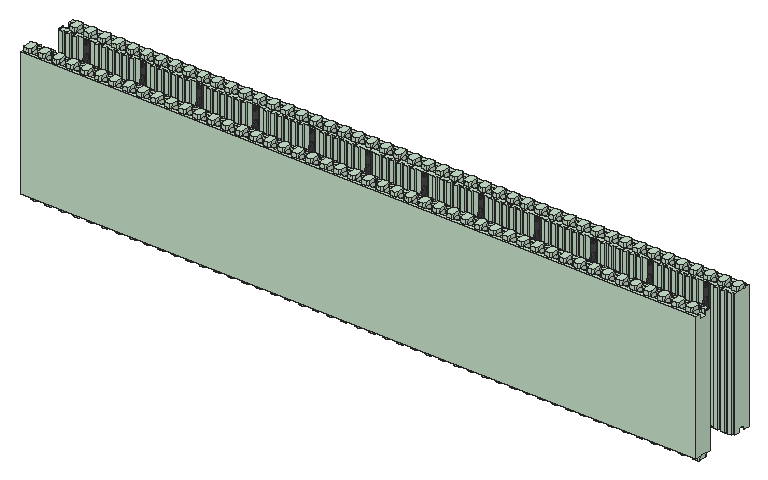
Revit family (continued)
Forms (mm)
  Extrusion 47, void
    sketch origin (2286, 25.445, 0) x (1, 0, 0) y (0, 1, 0)
      loop
        arc (50.8, -101.014) -> (50.362, -98.696) -> (49.108, -96.698) r 6.35
        arc (49.108, -96.698) -> (48.795, -96.199) -> (48.685, -95.62) r 1.588
        line (48.685, -95.62) -> (48.685, -86.829) -> (44.346, -86.829) -> (44.346, -92.457)
        arc (44.346, -92.457) -> (43.786, -93.668) -> (42.5, -94.024) r 1.587
        arc (42.5, -94.024) -> (36.091, -93.737) -> (29.796, -94.972) r 26.988
        arc (29.796, -94.972) -> (26.615, -97.278) -> (25.4, -101.014) r 6.35
        line (25.4, -101.014) -> (25.4, -124.411)
    from 457.2 to 444.5
  Extrusion 48, void
    sketch origin (2336.8, 25.445, 0) x (1, 0, 0) y (0, 1, 0)
      loop
        arc (25.4, -124.411) -> (26.615, -128.147) -> (29.796, -130.453) r 6.35
        arc (29.796, -130.453) -> (38.1, -131.763) -> (46.404, -130.453) r 26.987
        arc (46.404, -130.453) -> (49.585, -128.147) -> (50.8, -124.411) r 6.35
        line (50.8, -124.411) -> (50.8, -101.014)
        arc (50.8, -101.014) -> (50.362, -98.696) -> (49.108, -96.698) r 6.35
        arc (49.108, -96.698) -> (48.795, -96.199) -> (48.685, -95.62) r 1.588
        line (48.685, -95.62) -> (48.685, -86.829) -> (44.346, -86.829) -> (44.346, -92.457)
        arc (44.346, -92.457) -> (43.786, -93.668) -> (42.5, -94.024) r 1.587
        arc (42.5, -94.024) -> (36.091, -93.737) -> (29.796, -94.972) r 26.988
        arc (29.796, -94.972) -> (26.615, -97.278) -> (25.4, -101.014) r 6.35
        line (25.4, -101.014) -> (25.4, -124.411)
    from 457.2 to 444.5
  Extrusion 49, void
    sketch origin (2387.6, 25.445, 0) x (1, 0, 0) y (0, 1, 0)
      loop
        arc (25.4, -124.411) -> (26.615, -128.147) -> (29.796, -130.453) r 6.35
        arc (29.796, -130.453) -> (38.1, -131.763) -> (46.404, -130.453) r 26.987
        arc (46.404, -130.453) -> (49.585, -128.147) -> (50.8, -124.411) r 6.35
        line (50.8, -124.411) -> (50.8, -101.014)
        arc (50.8, -101.014) -> (50.362, -98.696) -> (49.108, -96.698) r 6.35
        arc (49.108, -96.698) -> (48.795, -96.199) -> (48.685, -95.62) r 1.588
        line (48.685, -95.62) -> (48.685, -86.829) -> (44.346, -86.829) -> (44.346, -92.457)
        arc (44.346, -92.457) -> (43.786, -93.668) -> (42.5, -94.024) r 1.587
        arc (42.5, -94.024) -> (36.091, -93.737) -> (29.796, -94.972) r 26.988
        arc (29.796, -94.972) -> (26.615, -97.278) -> (25.4, -101.014) r 6.35
        line (25.4, -101.014) -> (25.4, -124.411)
    from 457.2 to 444.5
  Extrusion 50, void
    sketch origin (2438.4, -25.355, 0) x (-1, 0, 0) y (0, -1, 0)
      loop
        arc (25.4, -124.411) -> (26.615, -128.147) -> (29.796, -130.453) r 6.35
        arc (29.796, -130.453) -> (38.1, -131.763) -> (46.404, -130.453) r 26.987
        arc (46.404, -130.453) -> (49.585, -128.147) -> (50.8, -124.411) r 6.35
        line (50.8, -124.411) -> (50.8, -101.014)
        arc (50.8, -101.014) -> (50.362, -98.696) -> (49.108, -96.698) r 6.35
        arc (49.108, -96.698) -> (48.795, -96.199) -> (48.685, -95.62) r 1.588
        line (48.685, -95.62) -> (48.685, -86.829) -> (44.346, -86.829) -> (44.346, -92.457)
        arc (44.346, -92.457) -> (43.786, -93.668) -> (42.5, -94.024) r 1.587
        arc (42.5, -94.024) -> (36.091, -93.737) -> (29.796, -94.972) r 26.988
        arc (29.796, -94.972) -> (26.615, -97.278) -> (25.4, -101.014) r 6.35
        line (25.4, -101.014) -> (25.4, -124.411)
    from 457.2 to 444.5
  Extrusion 51, void
    sketch origin (2387.6, -25.355, 0) x (-1, 0, 0) y (0, -1, 0)
      loop
        arc (25.4, -124.411) -> (26.615, -128.147) -> (29.796, -130.453) r 6.35
        arc (29.796, -130.453) -> (38.1, -131.763) -> (46.404, -130.453) r 26.987
        arc (46.404, -130.453) -> (49.585, -128.147) -> (50.8, -124.411) r 6.35
        line (50.8, -124.411) -> (50.8, -101.014)
        arc (50.8, -101.014) -> (50.362, -98.696) -> (49.108, -96.698) r 6.35
        arc (49.108, -96.698) -> (48.795, -96.199) -> (48.685, -95.62) r 1.588
        line (48.685, -95.62) -> (48.685, -86.829) -> (44.346, -86.829) -> (44.346, -92.457)
        arc (44.346, -92.457) -> (43.786, -93.668) -> (42.5, -94.024) r 1.587
        arc (42.5, -94.024) -> (36.091, -93.737) -> (29.796, -94.972) r 26.988
        arc (29.796, -94.972) -> (26.615, -97.278) -> (25.4, -101.014) r 6.35
        line (25.4, -101.014) -> (25.4, -124.411)
    from 457.2 to 444.5
  Extrusion 52, void
    sketch origin (2336.8, -25.355, 0) x (-1, 0, 0) y (0, -1, 0)
      loop
        arc (25.4, -124.411) -> (26.615, -128.147) -> (29.796, -130.453) r 6.35
        arc (29.796, -130.453) -> (38.1, -131.763) -> (46.404, -130.453) r 26.987
        arc (46.404, -130.453) -> (49.585, -128.147) -> (50.8, -124.411) r 6.35
        line (50.8, -124.411) -> (50.8, -101.014)
        arc (50.8, -101.014) -> (50.362, -98.696) -> (49.108, -96.698) r 6.35
        arc (49.108, -96.698) -> (48.795, -96.199) -> (48.685, -95.62) r 1.588
        line (48.685, -95.62) -> (48.685, -86.829) -> (44.346, -86.829) -> (44.346, -92.457)
        arc (44.346, -92.457) -> (43.786, -93.668) -> (42.5, -94.024) r 1.587
        arc (42.5, -94.024) -> (36.091, -93.737) -> (29.796, -94.972) r 26.988
        arc (29.796, -94.972) -> (26.615, -97.278) -> (25.4, -101.014) r 6.35
        line (25.4, -101.014) -> (25.4, -124.411)
    from 457.2 to 444.5
  Extrusion 53, void
    sketch origin (2286, -25.355, 0) x (-1, 0, 0) y (0, -1, 0)
      loop
        arc (25.4, -124.411) -> (26.615, -128.147) -> (29.796, -130.453) r 6.35
        arc (29.796, -130.453) -> (38.1, -131.763) -> (46.404, -130.453) r 26.987
        arc (46.404, -130.453) -> (49.585, -128.147) -> (50.8, -124.411) r 6.35
        line (50.8, -124.411) -> (50.8, -101.014)
        arc (50.8, -101.014) -> (50.362, -98.696) -> (49.108, -96.698) r 6.35
        arc (49.108, -96.698) -> (48.795, -96.199) -> (48.685, -95.62) r 1.588
        line (48.685, -95.62) -> (48.685, -86.829) -> (44.346, -86.829) -> (44.346, -92.457)
        arc (44.346, -92.457) -> (43.786, -93.668) -> (42.5, -94.024) r 1.587
        arc (42.5, -94.024) -> (36.091, -93.737) -> (29.796, -94.972) r 26.988
        arc (29.796, -94.972) -> (26.615, -97.278) -> (25.4, -101.014) r 6.35
        line (25.4, -101.014) -> (25.4, -124.411)
    from 457.2 to 444.5
  Extrusion 54, void
    sketch origin (2235.2, -25.355, 0) x (-1, 0, 0) y (0, -1, 0)
      loop
        arc (25.4, -124.411) -> (26.615, -128.147) -> (29.796, -130.453) r 6.35
        arc (29.796, -130.453) -> (38.1, -131.763) -> (46.404, -130.453) r 26.987
        arc (46.404, -130.453) -> (49.585, -128.147) -> (50.8, -124.411) r 6.35
        line (50.8, -124.411) -> (50.8, -101.014)
        arc (50.8, -101.014) -> (50.362, -98.696) -> (49.108, -96.698) r 6.35
        arc (49.108, -96.698) -> (48.795, -96.199) -> (48.685, -95.62) r 1.588
        line (48.685, -95.62) -> (48.685, -86.829) -> (44.346, -86.829) -> (44.346, -92.457)
        arc (44.346, -92.457) -> (43.786, -93.668) -> (42.5, -94.024) r 1.587
        arc (42.5, -94.024) -> (36.091, -93.737) -> (29.796, -94.972) r 26.988
        arc (29.796, -94.972) -> (26.615, -97.278) -> (25.4, -101.014) r 6.35
        line (25.4, -101.014) -> (25.4, -124.411)
    from 457.2 to 444.5
  Extrusion 55, void
    sketch origin (2184.4, -25.355, 0) x (-1, 0, 0) y (0, -1, 0)
      loop
        arc (25.4, -124.411) -> (26.615, -128.147) -> (29.796, -130.453) r 6.35
        arc (29.796, -130.453) -> (38.1, -131.763) -> (46.404, -130.453) r 26.987
        arc (46.404, -130.453) -> (49.585, -128.147) -> (50.8, -124.411) r 6.35
        line (50.8, -124.411) -> (50.8, -101.014)
        arc (50.8, -101.014) -> (50.362, -98.696) -> (49.108, -96.698) r 6.35
        arc (49.108, -96.698) -> (48.795, -96.199) -> (48.685, -95.62) r 1.588
        line (48.685, -95.62) -> (48.685, -86.829) -> (44.346, -86.829) -> (44.346, -92.457)
        arc (44.346, -92.457) -> (43.786, -93.668) -> (42.5, -94.024) r 1.587
        arc (42.5, -94.024) -> (36.091, -93.737) -> (29.796, -94.972) r 26.988
        arc (29.796, -94.972) -> (26.615, -97.278) -> (25.4, -101.014) r 6.35
        line (25.4, -101.014) -> (25.4, -124.411)
    from 457.2 to 444.5
  Extrusion 56, void
    sketch origin (2133.6, -25.355, 0) x (-1, 0, 0) y (0, -1, 0)
      loop
        arc (25.4, -124.411) -> (26.615, -128.147) -> (29.796, -130.453) r 6.35
        arc (29.796, -130.453) -> (38.1, -131.763) -> (46.404, -130.453) r 26.987
        arc (46.404, -130.453) -> (49.585, -128.147) -> (50.8, -124.411) r 6.35
        line (50.8, -124.411) -> (50.8, -101.014)
        arc (50.8, -101.014) -> (50.362, -98.696) -> (49.108, -96.698) r 6.35
        arc (49.108, -96.698) -> (48.795, -96.199) -> (48.685, -95.62) r 1.588
        line (48.685, -95.62) -> (48.685, -86.829) -> (44.346, -86.829) -> (44.346, -92.457)
        arc (44.346, -92.457) -> (43.786, -93.668) -> (42.5, -94.024) r 1.587
        arc (42.5, -94.024) -> (36.091, -93.737) -> (29.796, -94.972) r 26.988
        arc (29.796, -94.972) -> (26.615, -97.278) -> (25.4, -101.014) r 6.35
        line (25.4, -101.014) -> (25.4, -124.411)
    from 457.2 to 444.5
  Extrusion 57, void
    sketch origin (2082.8, -25.355, 0) x (-1, 0, 0) y (0, -1, 0)
      loop
        arc (25.4, -124.411) -> (26.615, -128.147) -> (29.796, -130.453) r 6.35
        arc (29.796, -130.453) -> (38.1, -131.763) -> (46.404, -130.453) r 26.987
        arc (46.404, -130.453) -> (49.585, -128.147) -> (50.8, -124.411) r 6.35
        line (50.8, -124.411) -> (50.8, -101.014)
        arc (50.8, -101.014) -> (50.362, -98.696) -> (49.108, -96.698) r 6.35
        arc (49.108, -96.698) -> (48.795, -96.199) -> (48.685, -95.62) r 1.588
        line (48.685, -95.62) -> (48.685, -86.829) -> (44.346, -86.829) -> (44.346, -92.457)
        arc (44.346, -92.457) -> (43.786, -93.668) -> (42.5, -94.024) r 1.587
        arc (42.5, -94.024) -> (36.091, -93.737) -> (29.796, -94.972) r 26.988
        arc (29.796, -94.972) -> (26.615, -97.278) -> (25.4, -101.014) r 6.35
        line (25.4, -101.014) -> (25.4, -124.411)
    from 457.2 to 444.5
  Extrusion 58, void
    sketch origin (2032, -25.355, 0) x (-1, 0, 0) y (0, -1, 0)
      loop
        arc (25.4, -124.411) -> (26.615, -128.147) -> (29.796, -130.453) r 6.35
        arc (29.796, -130.453) -> (38.1, -131.763) -> (46.404, -130.453) r 26.987
        arc (46.404, -130.453) -> (49.585, -128.147) -> (50.8, -124.411) r 6.35
        line (50.8, -124.411) -> (50.8, -101.014)
        arc (50.8, -101.014) -> (50.362, -98.696) -> (49.108, -96.698) r 6.35
        arc (49.108, -96.698) -> (48.795, -96.199) -> (48.685, -95.62) r 1.588
        line (48.685, -95.62) -> (48.685, -86.829) -> (44.346, -86.829) -> (44.346, -92.457)
        arc (44.346, -92.457) -> (43.786, -93.668) -> (42.5, -94.024) r 1.587
        arc (42.5, -94.024) -> (36.091, -93.737) -> (29.796, -94.972) r 26.988
        arc (29.796, -94.972) -> (26.615, -97.278) -> (25.4, -101.014) r 6.35
        line (25.4, -101.014) -> (25.4, -124.411)
    from 457.2 to 444.5
  Extrusion 59, void
    sketch origin (1981.2, -25.355, 0) x (-1, 0, 0) y (0, -1, 0)
      loop
        arc (25.4, -124.411) -> (26.615, -128.147) -> (29.796, -130.453) r 6.35
        arc (29.796, -130.453) -> (38.1, -131.763) -> (46.404, -130.453) r 26.987
        arc (46.404, -130.453) -> (49.585, -128.147) -> (50.8, -124.411) r 6.35
        line (50.8, -124.411) -> (50.8, -101.014)
        arc (50.8, -101.014) -> (50.362, -98.696) -> (49.108, -96.698) r 6.35
        arc (49.108, -96.698) -> (48.795, -96.199) -> (48.685, -95.62) r 1.588
        line (48.685, -95.62) -> (48.685, -86.829) -> (44.346, -86.829) -> (44.346, -92.457)
        arc (44.346, -92.457) -> (43.786, -93.668) -> (42.5, -94.024) r 1.587
        arc (42.5, -94.024) -> (36.091, -93.737) -> (29.796, -94.972) r 26.988
        arc (29.796, -94.972) -> (26.615, -97.278) -> (25.4, -101.014) r 6.35
        line (25.4, -101.014) -> (25.4, -124.411)
    from 457.2 to 444.5
  Extrusion 60, void
    sketch origin (1930.4, -25.355, 0) x (-1, 0, 0) y (0, -1, 0)
      loop
        arc (25.4, -124.411) -> (26.615, -128.147) -> (29.796, -130.453) r 6.35
        arc (29.796, -130.453) -> (38.1, -131.763) -> (46.404, -130.453) r 26.987
        arc (46.404, -130.453) -> (49.585, -128.147) -> (50.8, -124.411) r 6.35
        line (50.8, -124.411) -> (50.8, -101.014)
        arc (50.8, -101.014) -> (50.362, -98.696) -> (49.108, -96.698) r 6.35
        arc (49.108, -96.698) -> (48.795, -96.199) -> (48.685, -95.62) r 1.588
        line (48.685, -95.62) -> (48.685, -86.829) -> (44.346, -86.829) -> (44.346, -92.457)
        arc (44.346, -92.457) -> (43.786, -93.668) -> (42.5, -94.024) r 1.587
        arc (42.5, -94.024) -> (36.091, -93.737) -> (29.796, -94.972) r 26.988
        arc (29.796, -94.972) -> (26.615, -97.278) -> (25.4, -101.014) r 6.35
        line (25.4, -101.014) -> (25.4, -124.411)
    from 457.2 to 444.5
  Extrusion 61, void
    sketch origin (1879.6, -25.355, 0) x (-1, 0, 0) y (0, -1, 0)
      loop
        arc (25.4, -124.411) -> (26.615, -128.147) -> (29.796, -130.453) r 6.35
        arc (29.796, -130.453) -> (38.1, -131.763) -> (46.404, -130.453) r 26.987
        arc (46.404, -130.453) -> (49.585, -128.147) -> (50.8, -124.411) r 6.35
        line (50.8, -124.411) -> (50.8, -101.014)
        arc (50.8, -101.014) -> (50.362, -98.696) -> (49.108, -96.698) r 6.35
        arc (49.108, -96.698) -> (48.795, -96.199) -> (48.685, -95.62) r 1.588
        line (48.685, -95.62) -> (48.685, -86.829) -> (44.346, -86.829) -> (44.346, -92.457)
        arc (44.346, -92.457) -> (43.786, -93.668) -> (42.5, -94.024) r 1.587
        arc (42.5, -94.024) -> (36.091, -93.737) -> (29.796, -94.972) r 26.988
        arc (29.796, -94.972) -> (26.615, -97.278) -> (25.4, -101.014) r 6.35
        line (25.4, -101.014) -> (25.4, -124.411)
    from 457.2 to 444.5
  Extrusion 62, void
    sketch origin (1828.8, -25.355, 0) x (-1, 0, 0) y (0, -1, 0)
      loop
        arc (25.4, -124.411) -> (26.615, -128.147) -> (29.796, -130.453) r 6.35
        arc (29.796, -130.453) -> (38.1, -131.763) -> (46.404, -130.453) r 26.987
        arc (46.404, -130.453) -> (49.585, -128.147) -> (50.8, -124.411) r 6.35
        line (50.8, -124.411) -> (50.8, -101.014)
        arc (50.8, -101.014) -> (50.362, -98.696) -> (49.108, -96.698) r 6.35
        arc (49.108, -96.698) -> (48.795, -96.199) -> (48.685, -95.62) r 1.588
        line (48.685, -95.62) -> (48.685, -86.829) -> (44.346, -86.829) -> (44.346, -92.457)
        arc (44.346, -92.457) -> (43.786, -93.668) -> (42.5, -94.024) r 1.587
        arc (42.5, -94.024) -> (36.091, -93.737) -> (29.796, -94.972) r 26.988
        arc (29.796, -94.972) -> (26.615, -97.278) -> (25.4, -101.014) r 6.35
        line (25.4, -101.014) -> (25.4, -124.411)
    from 457.2 to 444.5
  Extrusion 63, void
    sketch origin (1778, -25.355, 0) x (-1, 0, 0) y (0, -1, 0)
      loop
        arc (25.4, -124.411) -> (26.615, -128.147) -> (29.796, -130.453) r 6.35
        arc (29.796, -130.453) -> (38.1, -131.763) -> (46.404, -130.453) r 26.987
        arc (46.404, -130.453) -> (49.585, -128.147) -> (50.8, -124.411) r 6.35
        line (50.8, -124.411) -> (50.8, -101.014)
        arc (50.8, -101.014) -> (50.362, -98.696) -> (49.108, -96.698) r 6.35
        arc (49.108, -96.698) -> (48.795, -96.199) -> (48.685, -95.62) r 1.588
        line (48.685, -95.62) -> (48.685, -86.829) -> (44.346, -86.829) -> (44.346, -92.457)
        arc (44.346, -92.457) -> (43.786, -93.668) -> (42.5, -94.024) r 1.587
        arc (42.5, -94.024) -> (36.091, -93.737) -> (29.796, -94.972) r 26.988
        arc (29.796, -94.972) -> (26.615, -97.278) -> (25.4, -101.014) r 6.35
        line (25.4, -101.014) -> (25.4, -124.411)
    from 457.2 to 444.5
  Extrusion 64, void
    sketch origin (1727.2, -25.355, 0) x (-1, 0, 0) y (0, -1, 0)
      loop
        arc (25.4, -124.411) -> (26.615, -128.147) -> (29.796, -130.453) r 6.35
        arc (29.796, -130.453) -> (38.1, -131.763) -> (46.404, -130.453) r 26.987
        arc (46.404, -130.453) -> (49.585, -128.147) -> (50.8, -124.411) r 6.35
        line (50.8, -124.411) -> (50.8, -101.014)
        arc (50.8, -101.014) -> (50.362, -98.696) -> (49.108, -96.698) r 6.35
        arc (49.108, -96.698) -> (48.795, -96.199) -> (48.685, -95.62) r 1.588
        line (48.685, -95.62) -> (48.685, -86.829) -> (44.346, -86.829) -> (44.346, -92.457)
        arc (44.346, -92.457) -> (43.786, -93.668) -> (42.5, -94.024) r 1.587
        arc (42.5, -94.024) -> (36.091, -93.737) -> (29.796, -94.972) r 26.988
        arc (29.796, -94.972) -> (26.615, -97.278) -> (25.4, -101.014) r 6.35
        line (25.4, -101.014) -> (25.4, -124.411)
    from 457.2 to 444.5
  Extrusion 65, void
    sketch origin (1676.4, -25.355, 0) x (-1, 0, 0) y (0, -1, 0)
      loop
        arc (25.4, -124.411) -> (26.615, -128.147) -> (29.796, -130.453) r 6.35
        arc (29.796, -130.453) -> (38.1, -131.763) -> (46.404, -130.453) r 26.987
        arc (46.404, -130.453) -> (49.585, -128.147) -> (50.8, -124.411) r 6.35
        line (50.8, -124.411) -> (50.8, -101.014)
        arc (50.8, -101.014) -> (50.362, -98.696) -> (49.108, -96.698) r 6.35
        arc (49.108, -96.698) -> (48.795, -96.199) -> (48.685, -95.62) r 1.588
        line (48.685, -95.62) -> (48.685, -86.829) -> (44.346, -86.829) -> (44.346, -92.457)
        arc (44.346, -92.457) -> (43.786, -93.668) -> (42.5, -94.024) r 1.587
        arc (42.5, -94.024) -> (36.091, -93.737) -> (29.796, -94.972) r 26.988
        arc (29.796, -94.972) -> (26.615, -97.278) -> (25.4, -101.014) r 6.35
        line (25.4, -101.014) -> (25.4, -124.411)
    from 457.2 to 444.5
  Extrusion 66, void
    sketch origin (1625.6, -25.355, 0) x (-1, 0, 0) y (0, -1, 0)
      loop
        arc (25.4, -124.411) -> (26.615, -128.147) -> (29.796, -130.453) r 6.35
        arc (29.796, -130.453) -> (38.1, -131.763) -> (46.404, -130.453) r 26.987
        arc (46.404, -130.453) -> (49.585, -128.147) -> (50.8, -124.411) r 6.35
        line (50.8, -124.411) -> (50.8, -101.014)
        arc (50.8, -101.014) -> (50.362, -98.696) -> (49.108, -96.698) r 6.35
        arc (49.108, -96.698) -> (48.795, -96.199) -> (48.685, -95.62) r 1.588
        line (48.685, -95.62) -> (48.685, -86.829) -> (44.346, -86.829) -> (44.346, -92.457)
        arc (44.346, -92.457) -> (43.786, -93.668) -> (42.5, -94.024) r 1.587
        arc (42.5, -94.024) -> (36.091, -93.737) -> (29.796, -94.972) r 26.988
        arc (29.796, -94.972) -> (26.615, -97.278) -> (25.4, -101.014) r 6.35
        line (25.4, -101.014) -> (25.4, -124.411)
    from 457.2 to 444.5
  Extrusion 67, void
    sketch origin (1574.8, -25.355, 0) x (-1, 0, 0) y (0, -1, 0)
      loop
        arc (25.4, -124.411) -> (26.615, -128.147) -> (29.796, -130.453) r 6.35
        arc (29.796, -130.453) -> (38.1, -131.763) -> (46.404, -130.453) r 26.987
        arc (46.404, -130.453) -> (49.585, -128.147) -> (50.8, -124.411) r 6.35
        line (50.8, -124.411) -> (50.8, -101.014)
        arc (50.8, -101.014) -> (50.362, -98.696) -> (49.108, -96.698) r 6.35
        arc (49.108, -96.698) -> (48.795, -96.199) -> (48.685, -95.62) r 1.588
        line (48.685, -95.62) -> (48.685, -86.829) -> (44.346, -86.829) -> (44.346, -92.457)
        arc (44.346, -92.457) -> (43.786, -93.668) -> (42.5, -94.024) r 1.587
        arc (42.5, -94.024) -> (36.091, -93.737) -> (29.796, -94.972) r 26.988
        arc (29.796, -94.972) -> (26.615, -97.278) -> (25.4, -101.014) r 6.35
        line (25.4, -101.014) -> (25.4, -124.411)
    from 457.2 to 444.5
  Extrusion 68, void
    sketch origin (1524, -25.355, 0) x (-1, 0, 0) y (0, -1, 0)
      loop
        arc (25.4, -124.411) -> (26.615, -128.147) -> (29.796, -130.453) r 6.35
        arc (29.796, -130.453) -> (38.1, -131.763) -> (46.404, -130.453) r 26.987
        arc (46.404, -130.453) -> (49.585, -128.147) -> (50.8, -124.411) r 6.35
        line (50.8, -124.411) -> (50.8, -101.014)
        arc (50.8, -101.014) -> (50.362, -98.696) -> (49.108, -96.698) r 6.35
        arc (49.108, -96.698) -> (48.795, -96.199) -> (48.685, -95.62) r 1.588
        line (48.685, -95.62) -> (48.685, -86.829) -> (44.346, -86.829) -> (44.346, -92.457)
        arc (44.346, -92.457) -> (43.786, -93.668) -> (42.5, -94.024) r 1.587
        arc (42.5, -94.024) -> (36.091, -93.737) -> (29.796, -94.972) r 26.988
        arc (29.796, -94.972) -> (26.615, -97.278) -> (25.4, -101.014) r 6.35
        line (25.4, -101.014) -> (25.4, -124.411)
    from 457.2 to 444.5
  Extrusion 69, void
    sketch origin (1473.2, -25.355, 0) x (-1, 0, 0) y (0, -1, 0)
      loop
        arc (25.4, -124.411) -> (26.615, -128.147) -> (29.796, -130.453) r 6.35
        arc (29.796, -130.453) -> (38.1, -131.763) -> (46.404, -130.453) r 26.987
        arc (46.404, -130.453) -> (49.585, -128.147) -> (50.8, -124.411) r 6.35
        line (50.8, -124.411) -> (50.8, -101.014)
        arc (50.8, -101.014) -> (50.362, -98.696) -> (49.108, -96.698) r 6.35
        arc (49.108, -96.698) -> (48.795, -96.199) -> (48.685, -95.62) r 1.588
        line (48.685, -95.62) -> (48.685, -86.829) -> (44.346, -86.829) -> (44.346, -92.457)
        arc (44.346, -92.457) -> (43.786, -93.668) -> (42.5, -94.024) r 1.587
        arc (42.5, -94.024) -> (36.091, -93.737) -> (29.796, -94.972) r 26.988
        arc (29.796, -94.972) -> (26.615, -97.278) -> (25.4, -101.014) r 6.35
        line (25.4, -101.014) -> (25.4, -124.411)
    from 457.2 to 444.5
  Extrusion 70, void
    sketch origin (1422.4, -25.355, 0) x (-1, 0, 0) y (0, -1, 0)
      loop
        arc (25.4, -124.411) -> (26.615, -128.147) -> (29.796, -130.453) r 6.35
        arc (29.796, -130.453) -> (38.1, -131.763) -> (46.404, -130.453) r 26.987
        arc (46.404, -130.453) -> (49.585, -128.147) -> (50.8, -124.411) r 6.35
        line (50.8, -124.411) -> (50.8, -101.014)
        arc (50.8, -101.014) -> (50.362, -98.696) -> (49.108, -96.698) r 6.35
        arc (49.108, -96.698) -> (48.795, -96.199) -> (48.685, -95.62) r 1.588
        line (48.685, -95.62) -> (48.685, -86.829) -> (44.346, -86.829) -> (44.346, -92.457)
        arc (44.346, -92.457) -> (43.786, -93.668) -> (42.5, -94.024) r 1.587
        arc (42.5, -94.024) -> (36.091, -93.737) -> (29.796, -94.972) r 26.988
        arc (29.796, -94.972) -> (26.615, -97.278) -> (25.4, -101.014) r 6.35
        line (25.4, -101.014) -> (25.4, -124.411)
    from 457.2 to 444.5
  Extrusion 71, void
    sketch origin (1371.6, -25.355, 0) x (-1, 0, 0) y (0, -1, 0)
      loop
        arc (25.4, -124.411) -> (26.615, -128.147) -> (29.796, -130.453) r 6.35
        arc (29.796, -130.453) -> (38.1, -131.763) -> (46.404, -130.453) r 26.987
        arc (46.404, -130.453) -> (49.585, -128.147) -> (50.8, -124.411) r 6.35
        line (50.8, -124.411) -> (50.8, -101.014)
        arc (50.8, -101.014) -> (50.362, -98.696) -> (49.108, -96.698) r 6.35
        arc (49.108, -96.698) -> (48.795, -96.199) -> (48.685, -95.62) r 1.588
        line (48.685, -95.62) -> (48.685, -86.829) -> (44.346, -86.829) -> (44.346, -92.457)
        arc (44.346, -92.457) -> (43.786, -93.668) -> (42.5, -94.024) r 1.587
        arc (42.5, -94.024) -> (36.091, -93.737) -> (29.796, -94.972) r 26.988
        arc (29.796, -94.972) -> (26.615, -97.278) -> (25.4, -101.014) r 6.35
        line (25.4, -101.014) -> (25.4, -124.411)
    from 457.2 to 444.5
  Extrusion 72, void
    sketch origin (1320.8, -25.355, 0) x (-1, 0, 0) y (0, -1, 0)
      loop
        arc (25.4, -124.411) -> (26.615, -128.147) -> (29.796, -130.453) r 6.35
        arc (29.796, -130.453) -> (38.1, -131.763) -> (46.404, -130.453) r 26.987
        arc (46.404, -130.453) -> (49.585, -128.147) -> (50.8, -124.411) r 6.35
        line (50.8, -124.411) -> (50.8, -101.014)
        arc (50.8, -101.014) -> (50.362, -98.696) -> (49.108, -96.698) r 6.35
        arc (49.108, -96.698) -> (48.795, -96.199) -> (48.685, -95.62) r 1.588
        line (48.685, -95.62) -> (48.685, -86.829) -> (44.346, -86.829) -> (44.346, -92.457)
        arc (44.346, -92.457) -> (43.786, -93.668) -> (42.5, -94.024) r 1.587
        arc (42.5, -94.024) -> (36.091, -93.737) -> (29.796, -94.972) r 26.988
        arc (29.796, -94.972) -> (26.615, -97.278) -> (25.4, -101.014) r 6.35
        line (25.4, -101.014) -> (25.4, -124.411)
    from 457.2 to 444.5
  Extrusion 73, void
    sketch origin (1270, -25.355, 0) x (-1, 0, 0) y (0, -1, 0)
      loop
        arc (25.4, -124.411) -> (26.615, -128.147) -> (29.796, -130.453) r 6.35
        arc (29.796, -130.453) -> (38.1, -131.763) -> (46.404, -130.453) r 26.987
        arc (46.404, -130.453) -> (49.585, -128.147) -> (50.8, -124.411) r 6.35
        line (50.8, -124.411) -> (50.8, -101.014)
        arc (50.8, -101.014) -> (50.362, -98.696) -> (49.108, -96.698) r 6.35
        arc (49.108, -96.698) -> (48.795, -96.199) -> (48.685, -95.62) r 1.588
        line (48.685, -95.62) -> (48.685, -86.829) -> (44.346, -86.829) -> (44.346, -92.457)
        arc (44.346, -92.457) -> (43.786, -93.668) -> (42.5, -94.024) r 1.587
        arc (42.5, -94.024) -> (36.091, -93.737) -> (29.796, -94.972) r 26.988
        arc (29.796, -94.972) -> (26.615, -97.278) -> (25.4, -101.014) r 6.35
        line (25.4, -101.014) -> (25.4, -124.411)
    from 457.2 to 444.5
  Extrusion 74, void
    sketch origin (1219.2, -25.355, 0) x (-1, 0, 0) y (0, -1, 0)
      loop
        arc (25.4, -124.411) -> (26.615, -128.147) -> (29.796, -130.453) r 6.35
        arc (29.796, -130.453) -> (38.1, -131.763) -> (46.404, -130.453) r 26.987
        arc (46.404, -130.453) -> (49.585, -128.147) -> (50.8, -124.411) r 6.35
        line (50.8, -124.411) -> (50.8, -101.014)
        arc (50.8, -101.014) -> (50.362, -98.696) -> (49.108, -96.698) r 6.35
        arc (49.108, -96.698) -> (48.795, -96.199) -> (48.685, -95.62) r 1.588
        line (48.685, -95.62) -> (48.685, -86.829) -> (44.346, -86.829) -> (44.346, -92.457)
        arc (44.346, -92.457) -> (43.786, -93.668) -> (42.5, -94.024) r 1.587
        arc (42.5, -94.024) -> (36.091, -93.737) -> (29.796, -94.972) r 26.988
        arc (29.796, -94.972) -> (26.615, -97.278) -> (25.4, -101.014) r 6.35
        line (25.4, -101.014) -> (25.4, -124.411)
    from 457.2 to 444.5
  Extrusion 75, void
    sketch origin (1168.4, -25.355, 0) x (-1, 0, 0) y (0, -1, 0)
      loop
        arc (25.4, -124.411) -> (26.615, -128.147) -> (29.796, -130.453) r 6.35
        arc (29.796, -130.453) -> (38.1, -131.763) -> (46.404, -130.453) r 26.987
        arc (46.404, -130.453) -> (49.585, -128.147) -> (50.8, -124.411) r 6.35
        line (50.8, -124.411) -> (50.8, -101.014)
        arc (50.8, -101.014) -> (50.362, -98.696) -> (49.108, -96.698) r 6.35
        arc (49.108, -96.698) -> (48.795, -96.199) -> (48.685, -95.62) r 1.588
        line (48.685, -95.62) -> (48.685, -86.829) -> (44.346, -86.829) -> (44.346, -92.457)
        arc (44.346, -92.457) -> (43.786, -93.668) -> (42.5, -94.024) r 1.587
        arc (42.5, -94.024) -> (36.091, -93.737) -> (29.796, -94.972) r 26.988
        arc (29.796, -94.972) -> (26.615, -97.278) -> (25.4, -101.014) r 6.35
        line (25.4, -101.014) -> (25.4, -124.411)
    from 457.2 to 444.5
  Extrusion 76, void
    sketch origin (1117.6, -25.355, 0) x (-1, 0, 0) y (0, -1, 0)
      loop
        arc (25.4, -124.411) -> (26.615, -128.147) -> (29.796, -130.453) r 6.35
        arc (29.796, -130.453) -> (38.1, -131.763) -> (46.404, -130.453) r 26.987
        arc (46.404, -130.453) -> (49.585, -128.147) -> (50.8, -124.411) r 6.35
        line (50.8, -124.411) -> (50.8, -101.014)
        arc (50.8, -101.014) -> (50.362, -98.696) -> (49.108, -96.698) r 6.35
        arc (49.108, -96.698) -> (48.795, -96.199) -> (48.685, -95.62) r 1.588
        line (48.685, -95.62) -> (48.685, -86.829) -> (44.346, -86.829) -> (44.346, -92.457)
        arc (44.346, -92.457) -> (43.786, -93.668) -> (42.5, -94.024) r 1.587
        arc (42.5, -94.024) -> (36.091, -93.737) -> (29.796, -94.972) r 26.988
        arc (29.796, -94.972) -> (26.615, -97.278) -> (25.4, -101.014) r 6.35
        line (25.4, -101.014) -> (25.4, -124.411)
    from 457.2 to 444.5
  Extrusion 77, void
    sketch origin (1066.8, -25.355, 0) x (-1, 0, 0) y (0, -1, 0)
      loop
        arc (25.4, -124.411) -> (26.615, -128.147) -> (29.796, -130.453) r 6.35
        arc (29.796, -130.453) -> (38.1, -131.763) -> (46.404, -130.453) r 26.987
        arc (46.404, -130.453) -> (49.585, -128.147) -> (50.8, -124.411) r 6.35
        line (50.8, -124.411) -> (50.8, -101.014)
        arc (50.8, -101.014) -> (50.362, -98.696) -> (49.108, -96.698) r 6.35
        arc (49.108, -96.698) -> (48.795, -96.199) -> (48.685, -95.62) r 1.588
        line (48.685, -95.62) -> (48.685, -86.829) -> (44.346, -86.829) -> (44.346, -92.457)
        arc (44.346, -92.457) -> (43.786, -93.668) -> (42.5, -94.024) r 1.587
        arc (42.5, -94.024) -> (36.091, -93.737) -> (29.796, -94.972) r 26.988
        arc (29.796, -94.972) -> (26.615, -97.278) -> (25.4, -101.014) r 6.35
        line (25.4, -101.014) -> (25.4, -124.411)
    from 457.2 to 444.5
  Extrusion 78, void
    sketch origin (1016, -25.355, 0) x (-1, 0, 0) y (0, -1, 0)
      loop
        arc (25.4, -124.411) -> (26.615, -128.147) -> (29.796, -130.453) r 6.35
        arc (29.796, -130.453) -> (38.1, -131.763) -> (46.404, -130.453) r 26.987
        arc (46.404, -130.453) -> (49.585, -128.147) -> (50.8, -124.411) r 6.35
        line (50.8, -124.411) -> (50.8, -101.014)
        arc (50.8, -101.014) -> (50.362, -98.696) -> (49.108, -96.698) r 6.35
        arc (49.108, -96.698) -> (48.795, -96.199) -> (48.685, -95.62) r 1.588
        line (48.685, -95.62) -> (48.685, -86.829) -> (44.346, -86.829) -> (44.346, -92.457)
        arc (44.346, -92.457) -> (43.786, -93.668) -> (42.5, -94.024) r 1.587
        arc (42.5, -94.024) -> (36.091, -93.737) -> (29.796, -94.972) r 26.988
        arc (29.796, -94.972) -> (26.615, -97.278) -> (25.4, -101.014) r 6.35
        line (25.4, -101.014) -> (25.4, -124.411)
    from 457.2 to 444.5
  Extrusion 79, void
    sketch origin (965.2, -25.355, 0) x (-1, 0, 0) y (0, -1, 0)
      loop
        arc (25.4, -124.411) -> (26.615, -128.147) -> (29.796, -130.453) r 6.35
        arc (29.796, -130.453) -> (38.1, -131.763) -> (46.404, -130.453) r 26.987
        arc (46.404, -130.453) -> (49.585, -128.147) -> (50.8, -124.411) r 6.35
        line (50.8, -124.411) -> (50.8, -101.014)
        arc (50.8, -101.014) -> (50.362, -98.696) -> (49.108, -96.698) r 6.35
        arc (49.108, -96.698) -> (48.795, -96.199) -> (48.685, -95.62) r 1.588
        line (48.685, -95.62) -> (48.685, -86.829) -> (44.346, -86.829) -> (44.346, -92.457)
        arc (44.346, -92.457) -> (43.786, -93.668) -> (42.5, -94.024) r 1.587
        arc (42.5, -94.024) -> (36.091, -93.737) -> (29.796, -94.972) r 26.988
        arc (29.796, -94.972) -> (26.615, -97.278) -> (25.4, -101.014) r 6.35
        line (25.4, -101.014) -> (25.4, -124.411)
    from 457.2 to 444.5
  Extrusion 80, void
    sketch origin (914.4, -25.355, 0) x (-1, 0, 0) y (0, -1, 0)
      loop
        arc (25.4, -124.411) -> (26.615, -128.147) -> (29.796, -130.453) r 6.35
        arc (29.796, -130.453) -> (38.1, -131.763) -> (46.404, -130.453) r 26.987
        arc (46.404, -130.453) -> (49.585, -128.147) -> (50.8, -124.411) r 6.35
        line (50.8, -124.411) -> (50.8, -101.014)
        arc (50.8, -101.014) -> (50.362, -98.696) -> (49.108, -96.698) r 6.35
        arc (49.108, -96.698) -> (48.795, -96.199) -> (48.685, -95.62) r 1.588
        line (48.685, -95.62) -> (48.685, -86.829) -> (44.346, -86.829) -> (44.346, -92.457)
        arc (44.346, -92.457) -> (43.786, -93.668) -> (42.5, -94.024) r 1.587
        arc (42.5, -94.024) -> (36.091, -93.737) -> (29.796, -94.972) r 26.988
        arc (29.796, -94.972) -> (26.615, -97.278) -> (25.4, -101.014) r 6.35
        line (25.4, -101.014) -> (25.4, -124.411)
    from 457.2 to 444.5
  Extrusion 81, void
    sketch origin (863.6, -25.355, 0) x (-1, 0, 0) y (0, -1, 0)
      loop
        arc (25.4, -124.411) -> (26.615, -128.147) -> (29.796, -130.453) r 6.35
        arc (29.796, -130.453) -> (38.1, -131.763) -> (46.404, -130.453) r 26.987
        arc (46.404, -130.453) -> (49.585, -128.147) -> (50.8, -124.411) r 6.35
        line (50.8, -124.411) -> (50.8, -101.014)
        arc (50.8, -101.014) -> (50.362, -98.696) -> (49.108, -96.698) r 6.35
        arc (49.108, -96.698) -> (48.795, -96.199) -> (48.685, -95.62) r 1.588
        line (48.685, -95.62) -> (48.685, -86.829) -> (44.346, -86.829) -> (44.346, -92.457)
        arc (44.346, -92.457) -> (43.786, -93.668) -> (42.5, -94.024) r 1.587
        arc (42.5, -94.024) -> (36.091, -93.737) -> (29.796, -94.972) r 26.988
        arc (29.796, -94.972) -> (26.615, -97.278) -> (25.4, -101.014) r 6.35
        line (25.4, -101.014) -> (25.4, -124.411)
    from 457.2 to 444.5
  Extrusion 82, void
    sketch origin (812.8, -25.355, 0) x (-1, 0, 0) y (0, -1, 0)
      loop
        arc (25.4, -124.411) -> (26.615, -128.147) -> (29.796, -130.453) r 6.35
        arc (29.796, -130.453) -> (38.1, -131.763) -> (46.404, -130.453) r 26.987
        arc (46.404, -130.453) -> (49.585, -128.147) -> (50.8, -124.411) r 6.35
        line (50.8, -124.411) -> (50.8, -101.014)
        arc (50.8, -101.014) -> (50.362, -98.696) -> (49.108, -96.698) r 6.35
        arc (49.108, -96.698) -> (48.795, -96.199) -> (48.685, -95.62) r 1.588
        line (48.685, -95.62) -> (48.685, -86.829) -> (44.346, -86.829) -> (44.346, -92.457)
        arc (44.346, -92.457) -> (43.786, -93.668) -> (42.5, -94.024) r 1.587
        arc (42.5, -94.024) -> (36.091, -93.737) -> (29.796, -94.972) r 26.988
        arc (29.796, -94.972) -> (26.615, -97.278) -> (25.4, -101.014) r 6.35
        line (25.4, -101.014) -> (25.4, -124.411)
    from 457.2 to 444.5
  Extrusion 83, void
    sketch origin (762, -25.355, 0) x (-1, 0, 0) y (0, -1, 0)
      loop
        arc (25.4, -124.411) -> (26.615, -128.147) -> (29.796, -130.453) r 6.35
        arc (29.796, -130.453) -> (38.1, -131.763) -> (46.404, -130.453) r 26.987
        arc (46.404, -130.453) -> (49.585, -128.147) -> (50.8, -124.411) r 6.35
        line (50.8, -124.411) -> (50.8, -101.014)
        arc (50.8, -101.014) -> (50.362, -98.696) -> (49.108, -96.698) r 6.35
        arc (49.108, -96.698) -> (48.795, -96.199) -> (48.685, -95.62) r 1.588
        line (48.685, -95.62) -> (48.685, -86.829) -> (44.346, -86.829) -> (44.346, -92.457)
        arc (44.346, -92.457) -> (43.786, -93.668) -> (42.5, -94.024) r 1.587
        arc (42.5, -94.024) -> (36.091, -93.737) -> (29.796, -94.972) r 26.988
        arc (29.796, -94.972) -> (26.615, -97.278) -> (25.4, -101.014) r 6.35
        line (25.4, -101.014) -> (25.4, -124.411)
    from 457.2 to 444.5
  Extrusion 84, void
    sketch origin (711.2, -25.355, 0) x (-1, 0, 0) y (0, -1, 0)
      loop
        arc (25.4, -124.411) -> (26.615, -128.147) -> (29.796, -130.453) r 6.35
        arc (29.796, -130.453) -> (38.1, -131.763) -> (46.404, -130.453) r 26.987
        arc (46.404, -130.453) -> (49.585, -128.147) -> (50.8, -124.411) r 6.35
        line (50.8, -124.411) -> (50.8, -101.014)
        arc (50.8, -101.014) -> (50.362, -98.696) -> (49.108, -96.698) r 6.35
        arc (49.108, -96.698) -> (48.795, -96.199) -> (48.685, -95.62) r 1.588
        line (48.685, -95.62) -> (48.685, -86.829) -> (44.346, -86.829) -> (44.346, -92.457)
        arc (44.346, -92.457) -> (43.786, -93.668) -> (42.5, -94.024) r 1.587
        arc (42.5, -94.024) -> (36.091, -93.737) -> (29.796, -94.972) r 26.988
        arc (29.796, -94.972) -> (26.615, -97.278) -> (25.4, -101.014) r 6.35
        line (25.4, -101.014) -> (25.4, -124.411)
    from 457.2 to 444.5
  Extrusion 85, void
    sketch origin (660.4, -25.355, 0) x (-1, 0, 0) y (0, -1, 0)
      loop
        arc (25.4, -124.411) -> (26.615, -128.147) -> (29.796, -130.453) r 6.35
        arc (29.796, -130.453) -> (38.1, -131.763) -> (46.404, -130.453) r 26.987
        arc (46.404, -130.453) -> (49.585, -128.147) -> (50.8, -124.411) r 6.35
        line (50.8, -124.411) -> (50.8, -101.014)
        arc (50.8, -101.014) -> (50.362, -98.696) -> (49.108, -96.698) r 6.35
        arc (49.108, -96.698) -> (48.795, -96.199) -> (48.685, -95.62) r 1.588
        line (48.685, -95.62) -> (48.685, -86.829) -> (44.346, -86.829) -> (44.346, -92.457)
        arc (44.346, -92.457) -> (43.786, -93.668) -> (42.5, -94.024) r 1.587
        arc (42.5, -94.024) -> (36.091, -93.737) -> (29.796, -94.972) r 26.988
        arc (29.796, -94.972) -> (26.615, -97.278) -> (25.4, -101.014) r 6.35
        line (25.4, -101.014) -> (25.4, -124.411)
    from 457.2 to 444.5
  Extrusion 86, void
    sketch origin (609.6, -25.355, 0) x (-1, 0, 0) y (0, -1, 0)
      loop
        arc (25.4, -124.411) -> (26.615, -128.147) -> (29.796, -130.453) r 6.35
        arc (29.796, -130.453) -> (38.1, -131.763) -> (46.404, -130.453) r 26.987
        arc (46.404, -130.453) -> (49.585, -128.147) -> (50.8, -124.411) r 6.35
        line (50.8, -124.411) -> (50.8, -101.014)
        arc (50.8, -101.014) -> (50.362, -98.696) -> (49.108, -96.698) r 6.35
        arc (49.108, -96.698) -> (48.795, -96.199) -> (48.685, -95.62) r 1.588
        line (48.685, -95.62) -> (48.685, -86.829) -> (44.346, -86.829) -> (44.346, -92.457)
        arc (44.346, -92.457) -> (43.786, -93.668) -> (42.5, -94.024) r 1.587
        arc (42.5, -94.024) -> (36.091, -93.737) -> (29.796, -94.972) r 26.988
        arc (29.796, -94.972) -> (26.615, -97.278) -> (25.4, -101.014) r 6.35
        line (25.4, -101.014) -> (25.4, -124.411)
    from 457.2 to 444.5
  Extrusion 87, void
    sketch origin (558.8, -25.355, 0) x (-1, 0, 0) y (0, -1, 0)
      loop
        arc (25.4, -124.411) -> (26.615, -128.147) -> (29.796, -130.453) r 6.35
        arc (29.796, -130.453) -> (38.1, -131.763) -> (46.404, -130.453) r 26.987
        arc (46.404, -130.453) -> (49.585, -128.147) -> (50.8, -124.411) r 6.35
        line (50.8, -124.411) -> (50.8, -101.014)
        arc (50.8, -101.014) -> (50.362, -98.696) -> (49.108, -96.698) r 6.35
        arc (49.108, -96.698) -> (48.795, -96.199) -> (48.685, -95.62) r 1.588
        line (48.685, -95.62) -> (48.685, -86.829) -> (44.346, -86.829) -> (44.346, -92.457)
        arc (44.346, -92.457) -> (43.786, -93.668) -> (42.5, -94.024) r 1.587
        arc (42.5, -94.024) -> (36.091, -93.737) -> (29.796, -94.972) r 26.988
        arc (29.796, -94.972) -> (26.615, -97.278) -> (25.4, -101.014) r 6.35
        line (25.4, -101.014) -> (25.4, -124.411)
    from 457.2 to 444.5
  Extrusion 88, void
    sketch origin (508, -25.355, 0) x (-1, 0, 0) y (0, -1, 0)
      loop
        arc (25.4, -124.411) -> (26.615, -128.147) -> (29.796, -130.453) r 6.35
        arc (29.796, -130.453) -> (38.1, -131.763) -> (46.404, -130.453) r 26.987
        arc (46.404, -130.453) -> (49.585, -128.147) -> (50.8, -124.411) r 6.35
        line (50.8, -124.411) -> (50.8, -101.014)
        arc (50.8, -101.014) -> (50.362, -98.696) -> (49.108, -96.698) r 6.35
        arc (49.108, -96.698) -> (48.795, -96.199) -> (48.685, -95.62) r 1.588
        line (48.685, -95.62) -> (48.685, -86.829) -> (44.346, -86.829) -> (44.346, -92.457)
        arc (44.346, -92.457) -> (43.786, -93.668) -> (42.5, -94.024) r 1.587
        arc (42.5, -94.024) -> (36.091, -93.737) -> (29.796, -94.972) r 26.988
        arc (29.796, -94.972) -> (26.615, -97.278) -> (25.4, -101.014) r 6.35
        line (25.4, -101.014) -> (25.4, -124.411)
    from 457.2 to 444.5
  Extrusion 89, void
    sketch origin (457.2, -25.355, 0) x (-1, 0, 0) y (0, -1, 0)
      loop
        arc (25.4, -124.411) -> (26.615, -128.147) -> (29.796, -130.453) r 6.35
        arc (29.796, -130.453) -> (38.1, -131.763) -> (46.404, -130.453) r 26.987
        arc (46.404, -130.453) -> (49.585, -128.147) -> (50.8, -124.411) r 6.35
        line (50.8, -124.411) -> (50.8, -101.014)
        arc (50.8, -101.014) -> (50.362, -98.696) -> (49.108, -96.698) r 6.35
        arc (49.108, -96.698) -> (48.795, -96.199) -> (48.685, -95.62) r 1.588
        line (48.685, -95.62) -> (48.685, -86.829) -> (44.346, -86.829) -> (44.346, -92.457)
        arc (44.346, -92.457) -> (43.786, -93.668) -> (42.5, -94.024) r 1.587
        arc (42.5, -94.024) -> (36.091, -93.737) -> (29.796, -94.972) r 26.988
        arc (29.796, -94.972) -> (26.615, -97.278) -> (25.4, -101.014) r 6.35
        line (25.4, -101.014) -> (25.4, -124.411)
    from 457.2 to 444.5
  Extrusion 90, void
    sketch origin (406.4, -25.355, 0) x (-1, 0, 0) y (0, -1, 0)
      loop
        arc (25.4, -124.411) -> (26.615, -128.147) -> (29.796, -130.453) r 6.35
        arc (29.796, -130.453) -> (38.1, -131.763) -> (46.404, -130.453) r 26.987
        arc (46.404, -130.453) -> (49.585, -128.147) -> (50.8, -124.411) r 6.35
        line (50.8, -124.411) -> (50.8, -101.014)
        arc (50.8, -101.014) -> (50.362, -98.696) -> (49.108, -96.698) r 6.35
        arc (49.108, -96.698) -> (48.795, -96.199) -> (48.685, -95.62) r 1.588
        line (48.685, -95.62) -> (48.685, -86.829) -> (44.346, -86.829) -> (44.346, -92.457)
        arc (44.346, -92.457) -> (43.786, -93.668) -> (42.5, -94.024) r 1.587
        arc (42.5, -94.024) -> (36.091, -93.737) -> (29.796, -94.972) r 26.988
        arc (29.796, -94.972) -> (26.615, -97.278) -> (25.4, -101.014) r 6.35
        line (25.4, -101.014) -> (25.4, -124.411)
    from 457.2 to 444.5
  Extrusion 91, void
    sketch origin (355.6, -25.355, 0) x (-1, 0, 0) y (0, -1, 0)
      loop
        arc (25.4, -124.411) -> (26.615, -128.147) -> (29.796, -130.453) r 6.35
        arc (29.796, -130.453) -> (38.1, -131.763) -> (46.404, -130.453) r 26.987
        arc (46.404, -130.453) -> (49.585, -128.147) -> (50.8, -124.411) r 6.35
        line (50.8, -124.411) -> (50.8, -101.014)
        arc (50.8, -101.014) -> (50.362, -98.696) -> (49.108, -96.698) r 6.35
        arc (49.108, -96.698) -> (48.795, -96.199) -> (48.685, -95.62) r 1.588
        line (48.685, -95.62) -> (48.685, -86.829) -> (44.346, -86.829) -> (44.346, -92.457)
        arc (44.346, -92.457) -> (43.786, -93.668) -> (42.5, -94.024) r 1.587
        arc (42.5, -94.024) -> (36.091, -93.737) -> (29.796, -94.972) r 26.988
        arc (29.796, -94.972) -> (26.615, -97.278) -> (25.4, -101.014) r 6.35
        line (25.4, -101.014) -> (25.4, -124.411)
    from 457.2 to 444.5
  Extrusion 92, void
    sketch origin (304.8, -25.355, 0) x (-1, 0, 0) y (0, -1, 0)
      loop
        arc (25.4, -124.411) -> (26.615, -128.147) -> (29.796, -130.453) r 6.35
        arc (29.796, -130.453) -> (38.1, -131.763) -> (46.404, -130.453) r 26.987
        arc (46.404, -130.453) -> (49.585, -128.147) -> (50.8, -124.411) r 6.35
        line (50.8, -124.411) -> (50.8, -101.014)
        arc (50.8, -101.014) -> (50.362, -98.696) -> (49.108, -96.698) r 6.35
        arc (49.108, -96.698) -> (48.795, -96.199) -> (48.685, -95.62) r 1.588
        line (48.685, -95.62) -> (48.685, -86.829) -> (44.346, -86.829) -> (44.346, -92.457)
        arc (44.346, -92.457) -> (43.786, -93.668) -> (42.5, -94.024) r 1.587
        arc (42.5, -94.024) -> (36.091, -93.737) -> (29.796, -94.972) r 26.988
        arc (29.796, -94.972) -> (26.615, -97.278) -> (25.4, -101.014) r 6.35
        line (25.4, -101.014) -> (25.4, -124.411)
    from 457.2 to 444.5
  Extrusion 93, void
    sketch origin (254, -25.355, 0) x (-1, 0, 0) y (0, -1, 0)
      loop
        arc (25.4, -124.411) -> (26.615, -128.147) -> (29.796, -130.453) r 6.35
        arc (29.796, -130.453) -> (38.1, -131.763) -> (46.404, -130.453) r 26.987
        arc (46.404, -130.453) -> (49.585, -128.147) -> (50.8, -124.411) r 6.35
        line (50.8, -124.411) -> (50.8, -101.014)
        arc (50.8, -101.014) -> (50.362, -98.696) -> (49.108, -96.698) r 6.35
        arc (49.108, -96.698) -> (48.795, -96.199) -> (48.685, -95.62) r 1.588
        line (48.685, -95.62) -> (48.685, -86.829) -> (44.346, -86.829) -> (44.346, -92.457)
        arc (44.346, -92.457) -> (43.786, -93.668) -> (42.5, -94.024) r 1.587
        arc (42.5, -94.024) -> (36.091, -93.737) -> (29.796, -94.972) r 26.988
        arc (29.796, -94.972) -> (26.615, -97.278) -> (25.4, -101.014) r 6.35
        line (25.4, -101.014) -> (25.4, -124.411)
    from 457.2 to 444.5
  Extrusion 94, void
    sketch origin (203.2, -25.355, 0) x (-1, 0, 0) y (0, -1, 0)
      loop
        arc (25.4, -124.411) -> (26.615, -128.147) -> (29.796, -130.453) r 6.35
        arc (29.796, -130.453) -> (38.1, -131.763) -> (46.404, -130.453) r 26.987
        arc (46.404, -130.453) -> (49.585, -128.147) -> (50.8, -124.411) r 6.35
        line (50.8, -124.411) -> (50.8, -101.014)
        arc (50.8, -101.014) -> (50.362, -98.696) -> (49.108, -96.698) r 6.35
        arc (49.108, -96.698) -> (48.795, -96.199) -> (48.685, -95.62) r 1.588
        line (48.685, -95.62) -> (48.685, -86.829) -> (44.346, -86.829) -> (44.346, -92.457)
        arc (44.346, -92.457) -> (43.786, -93.668) -> (42.5, -94.024) r 1.587
        arc (42.5, -94.024) -> (36.091, -93.737) -> (29.796, -94.972) r 26.988
        arc (29.796, -94.972) -> (26.615, -97.278) -> (25.4, -101.014) r 6.35
        line (25.4, -101.014) -> (25.4, -124.411)
    from 457.2 to 444.5
  Extrusion 95, void
    sketch origin (152.4, -25.355, 0) x (-1, 0, 0) y (0, -1, 0)
      loop
        arc (25.4, -124.411) -> (26.615, -128.147) -> (29.796, -130.453) r 6.35
        arc (29.796, -130.453) -> (38.1, -131.763) -> (46.404, -130.453) r 26.987
        arc (46.404, -130.453) -> (49.585, -128.147) -> (50.8, -124.411) r 6.35
        line (50.8, -124.411) -> (50.8, -101.014)
        arc (50.8, -101.014) -> (50.362, -98.696) -> (49.108, -96.698) r 6.35
        arc (49.108, -96.698) -> (48.795, -96.199) -> (48.685, -95.62) r 1.588
        line (48.685, -95.62) -> (48.685, -86.829) -> (44.346, -86.829) -> (44.346, -92.457)
        arc (44.346, -92.457) -> (43.786, -93.668) -> (42.5, -94.024) r 1.587
        arc (42.5, -94.024) -> (36.091, -93.737) -> (29.796, -94.972) r 26.988
        arc (29.796, -94.972) -> (26.615, -97.278) -> (25.4, -101.014) r 6.35
        line (25.4, -101.014) -> (25.4, -124.411)
    from 457.2 to 444.5
  Extrusion 96, void
    sketch origin (101.6, -25.355, 0) x (-1, 0, 0) y (0, -1, 0)
      loop
        arc (25.4, -124.411) -> (26.615, -128.147) -> (29.796, -130.453) r 6.35
        arc (29.796, -130.453) -> (38.1, -131.763) -> (46.404, -130.453) r 26.987
        arc (46.404, -130.453) -> (49.585, -128.147) -> (50.8, -124.411) r 6.35
        line (50.8, -124.411) -> (50.8, -101.014)
        arc (50.8, -101.014) -> (50.362, -98.696) -> (49.108, -96.698) r 6.35
        arc (49.108, -96.698) -> (48.795, -96.199) -> (48.685, -95.62) r 1.588
        line (48.685, -95.62) -> (48.685, -86.829) -> (44.346, -86.829) -> (44.346, -92.457)
        arc (44.346, -92.457) -> (43.786, -93.668) -> (42.5, -94.024) r 1.587
        arc (42.5, -94.024) -> (36.091, -93.737) -> (29.796, -94.972) r 26.988
        arc (29.796, -94.972) -> (26.615, -97.278) -> (25.4, -101.014) r 6.35
        line (25.4, -101.014) -> (25.4, -124.411)
    from 457.2 to 444.5
  Extrusion 97, void
    sketch origin (50.8, -25.355, 0) x (-1, 0, 0) y (0, -1, 0)
      loop
        arc (25.4, -124.411) -> (26.615, -128.147) -> (29.796, -130.453) r 6.35
        arc (29.796, -130.453) -> (38.1, -131.763) -> (46.404, -130.453) r 26.987
        arc (46.404, -130.453) -> (49.585, -128.147) -> (50.8, -124.411) r 6.35
        line (50.8, -124.411) -> (50.8, -101.014)
        arc (50.8, -101.014) -> (50.362, -98.696) -> (49.108, -96.698) r 6.35
        arc (49.108, -96.698) -> (48.795, -96.199) -> (48.685, -95.62) r 1.588
        line (48.685, -95.62) -> (48.685, -86.829) -> (44.346, -86.829) -> (44.346, -92.457)
        arc (44.346, -92.457) -> (43.786, -93.668) -> (42.5, -94.024) r 1.587
        arc (42.5, -94.024) -> (36.091, -93.737) -> (29.796, -94.972) r 26.988
        arc (29.796, -94.972) -> (26.615, -97.278) -> (25.4, -101.014) r 6.35
        line (25.4, -101.014) -> (25.4, -124.411)
    from 457.2 to 444.5
  Extrusion 98, void
    sketch origin (50.8, 25.445, 0) x (-1, 0, 0) y (0, -1, 0)
      loop
        line (25.4, 124.411) -> (25.4, 101.014)
        arc (25.4, 101.014) -> (26.615, 97.278) -> (29.796, 94.972) r 6.35
        arc (29.796, 94.972) -> (36.091, 93.737) -> (42.5, 94.024) r 26.988
        arc (42.5, 94.024) -> (43.786, 93.668) -> (44.346, 92.457) r 1.587
        line (44.346, 92.457) -> (44.346, 86.829) -> (48.685, 86.829) -> (48.685, 95.62)
        arc (48.685, 95.62) -> (48.795, 96.199) -> (49.108, 96.698) r 1.588
        arc (49.108, 96.698) -> (50.362, 98.696) -> (50.8, 101.014) r 6.35
        line (50.8, 101.014) -> (50.8, 124.411)
        arc (50.8, 124.411) -> (49.585, 128.147) -> (46.404, 130.453) r 6.35
        arc (46.404, 130.453) -> (38.1, 131.763) -> (29.796, 130.453) r 26.987
        arc (29.796, 130.453) -> (26.615, 128.147) -> (25.4, 124.411) r 6.35
    from 0 to 12.7
  Extrusion 99, void
    sketch origin (101.6, 25.445, 0) x (-1, 0, 0) y (0, -1, 0)
      loop
        line (25.4, 124.411) -> (25.4, 101.014)
        arc (25.4, 101.014) -> (26.615, 97.278) -> (29.796, 94.972) r 6.35
        arc (29.796, 94.972) -> (36.091, 93.737) -> (42.5, 94.024) r 26.988
        arc (42.5, 94.024) -> (43.786, 93.668) -> (44.346, 92.457) r 1.587
        line (44.346, 92.457) -> (44.346, 86.829) -> (48.685, 86.829) -> (48.685, 95.62)
        arc (48.685, 95.62) -> (48.795, 96.199) -> (49.108, 96.698) r 1.588
        arc (49.108, 96.698) -> (50.362, 98.696) -> (50.8, 101.014) r 6.35
        line (50.8, 101.014) -> (50.8, 124.411)
        arc (50.8, 124.411) -> (49.585, 128.147) -> (46.404, 130.453) r 6.35
        arc (46.404, 130.453) -> (38.1, 131.763) -> (29.796, 130.453) r 26.987
        arc (29.796, 130.453) -> (26.615, 128.147) -> (25.4, 124.411) r 6.35
    from 0 to 12.7
  Extrusion 100, void
    sketch origin (152.4, 25.445, 0) x (-1, 0, 0) y (0, -1, 0)
      loop
        line (25.4, 124.411) -> (25.4, 101.014)
        arc (25.4, 101.014) -> (26.615, 97.278) -> (29.796, 94.972) r 6.35
        arc (29.796, 94.972) -> (36.091, 93.737) -> (42.5, 94.024) r 26.988
        arc (42.5, 94.024) -> (43.786, 93.668) -> (44.346, 92.457) r 1.587
        line (44.346, 92.457) -> (44.346, 86.829) -> (48.685, 86.829) -> (48.685, 95.62)
        arc (48.685, 95.62) -> (48.795, 96.199) -> (49.108, 96.698) r 1.588
        arc (49.108, 96.698) -> (50.362, 98.696) -> (50.8, 101.014) r 6.35
        line (50.8, 101.014) -> (50.8, 124.411)
        arc (50.8, 124.411) -> (49.585, 128.147) -> (46.404, 130.453) r 6.35
        arc (46.404, 130.453) -> (38.1, 131.763) -> (29.796, 130.453) r 26.987
        arc (29.796, 130.453) -> (26.615, 128.147) -> (25.4, 124.411) r 6.35
    from 0 to 12.7
  Extrusion 101, void
    sketch origin (203.2, 25.445, 0) x (-1, 0, 0) y (0, -1, 0)
      loop
        line (25.4, 124.411) -> (25.4, 101.014)
        arc (25.4, 101.014) -> (26.615, 97.278) -> (29.796, 94.972) r 6.35
        arc (29.796, 94.972) -> (36.091, 93.737) -> (42.5, 94.024) r 26.988
        arc (42.5, 94.024) -> (43.786, 93.668) -> (44.346, 92.457) r 1.587
        line (44.346, 92.457) -> (44.346, 86.829) -> (48.685, 86.829) -> (48.685, 95.62)
        arc (48.685, 95.62) -> (48.795, 96.199) -> (49.108, 96.698) r 1.588
        arc (49.108, 96.698) -> (50.362, 98.696) -> (50.8, 101.014) r 6.35
        line (50.8, 101.014) -> (50.8, 124.411)
        arc (50.8, 124.411) -> (49.585, 128.147) -> (46.404, 130.453) r 6.35
        arc (46.404, 130.453) -> (38.1, 131.763) -> (29.796, 130.453) r 26.987
        arc (29.796, 130.453) -> (26.615, 128.147) -> (25.4, 124.411) r 6.35
    from 0 to 12.7
  Extrusion 102, void
    sketch origin (254, 25.445, 0) x (-1, 0, 0) y (0, -1, 0)
      loop
        line (25.4, 124.411) -> (25.4, 101.014)
        arc (25.4, 101.014) -> (26.615, 97.278) -> (29.796, 94.972) r 6.35
        arc (29.796, 94.972) -> (36.091, 93.737) -> (42.5, 94.024) r 26.988
        arc (42.5, 94.024) -> (43.786, 93.668) -> (44.346, 92.457) r 1.587
        line (44.346, 92.457) -> (44.346, 86.829) -> (48.685, 86.829) -> (48.685, 95.62)
        arc (48.685, 95.62) -> (48.795, 96.199) -> (49.108, 96.698) r 1.588
        arc (49.108, 96.698) -> (50.362, 98.696) -> (50.8, 101.014) r 6.35
        line (50.8, 101.014) -> (50.8, 124.411)
        arc (50.8, 124.411) -> (49.585, 128.147) -> (46.404, 130.453) r 6.35
        arc (46.404, 130.453) -> (38.1, 131.763) -> (29.796, 130.453) r 26.987
        arc (29.796, 130.453) -> (26.615, 128.147) -> (25.4, 124.411) r 6.35
    from 0 to 12.7
  Extrusion 103, void
    sketch origin (304.8, 25.445, 0) x (-1, 0, 0) y (0, -1, 0)
      loop
        line (25.4, 124.411) -> (25.4, 101.014)
        arc (25.4, 101.014) -> (26.615, 97.278) -> (29.796, 94.972) r 6.35
        arc (29.796, 94.972) -> (36.091, 93.737) -> (42.5, 94.024) r 26.988
        arc (42.5, 94.024) -> (43.786, 93.668) -> (44.346, 92.457) r 1.587
        line (44.346, 92.457) -> (44.346, 86.829) -> (48.685, 86.829) -> (48.685, 95.62)
        arc (48.685, 95.62) -> (48.795, 96.199) -> (49.108, 96.698) r 1.588
        arc (49.108, 96.698) -> (50.362, 98.696) -> (50.8, 101.014) r 6.35
        line (50.8, 101.014) -> (50.8, 124.411)
        arc (50.8, 124.411) -> (49.585, 128.147) -> (46.404, 130.453) r 6.35
        arc (46.404, 130.453) -> (38.1, 131.763) -> (29.796, 130.453) r 26.987
        arc (29.796, 130.453) -> (26.615, 128.147) -> (25.4, 124.411) r 6.35
    from 0 to 12.7
  Extrusion 104, void
    sketch origin (355.6, 25.445, 0) x (-1, 0, 0) y (0, -1, 0)
      loop
        line (25.4, 124.411) -> (25.4, 101.014)
        arc (25.4, 101.014) -> (26.615, 97.278) -> (29.796, 94.972) r 6.35
        arc (29.796, 94.972) -> (36.091, 93.737) -> (42.5, 94.024) r 26.988
        arc (42.5, 94.024) -> (43.786, 93.668) -> (44.346, 92.457) r 1.587
        line (44.346, 92.457) -> (44.346, 86.829) -> (48.685, 86.829) -> (48.685, 95.62)
        arc (48.685, 95.62) -> (48.795, 96.199) -> (49.108, 96.698) r 1.588
        arc (49.108, 96.698) -> (50.362, 98.696) -> (50.8, 101.014) r 6.35
        line (50.8, 101.014) -> (50.8, 124.411)
        arc (50.8, 124.411) -> (49.585, 128.147) -> (46.404, 130.453) r 6.35
        arc (46.404, 130.453) -> (38.1, 131.763) -> (29.796, 130.453) r 26.987
        arc (29.796, 130.453) -> (26.615, 128.147) -> (25.4, 124.411) r 6.35
    from 0 to 12.7
  Extrusion 105, void
    sketch origin (406.4, 25.445, 0) x (-1, 0, 0) y (0, -1, 0)
      loop
        line (25.4, 124.411) -> (25.4, 101.014)
        arc (25.4, 101.014) -> (26.615, 97.278) -> (29.796, 94.972) r 6.35
        arc (29.796, 94.972) -> (36.091, 93.737) -> (42.5, 94.024) r 26.988
        arc (42.5, 94.024) -> (43.786, 93.668) -> (44.346, 92.457) r 1.587
        line (44.346, 92.457) -> (44.346, 86.829) -> (48.685, 86.829) -> (48.685, 95.62)
        arc (48.685, 95.62) -> (48.795, 96.199) -> (49.108, 96.698) r 1.588
        arc (49.108, 96.698) -> (50.362, 98.696) -> (50.8, 101.014) r 6.35
        line (50.8, 101.014) -> (50.8, 124.411)
        arc (50.8, 124.411) -> (49.585, 128.147) -> (46.404, 130.453) r 6.35
        arc (46.404, 130.453) -> (38.1, 131.763) -> (29.796, 130.453) r 26.987
        arc (29.796, 130.453) -> (26.615, 128.147) -> (25.4, 124.411) r 6.35
    from 0 to 12.7
  Extrusion 106, void
    sketch origin (457.2, 25.445, 0) x (-1, 0, 0) y (0, -1, 0)
      loop
        line (25.4, 124.411) -> (25.4, 101.014)
        arc (25.4, 101.014) -> (26.615, 97.278) -> (29.796, 94.972) r 6.35
        arc (29.796, 94.972) -> (36.091, 93.737) -> (42.5, 94.024) r 26.988
        arc (42.5, 94.024) -> (43.786, 93.668) -> (44.346, 92.457) r 1.587
        line (44.346, 92.457) -> (44.346, 86.829) -> (48.685, 86.829) -> (48.685, 95.62)
        arc (48.685, 95.62) -> (48.795, 96.199) -> (49.108, 96.698) r 1.588
        arc (49.108, 96.698) -> (50.362, 98.696) -> (50.8, 101.014) r 6.35
        line (50.8, 101.014) -> (50.8, 124.411)
        arc (50.8, 124.411) -> (49.585, 128.147) -> (46.404, 130.453) r 6.35
        arc (46.404, 130.453) -> (38.1, 131.763) -> (29.796, 130.453) r 26.987
        arc (29.796, 130.453) -> (26.615, 128.147) -> (25.4, 124.411) r 6.35
    from 0 to 12.7
